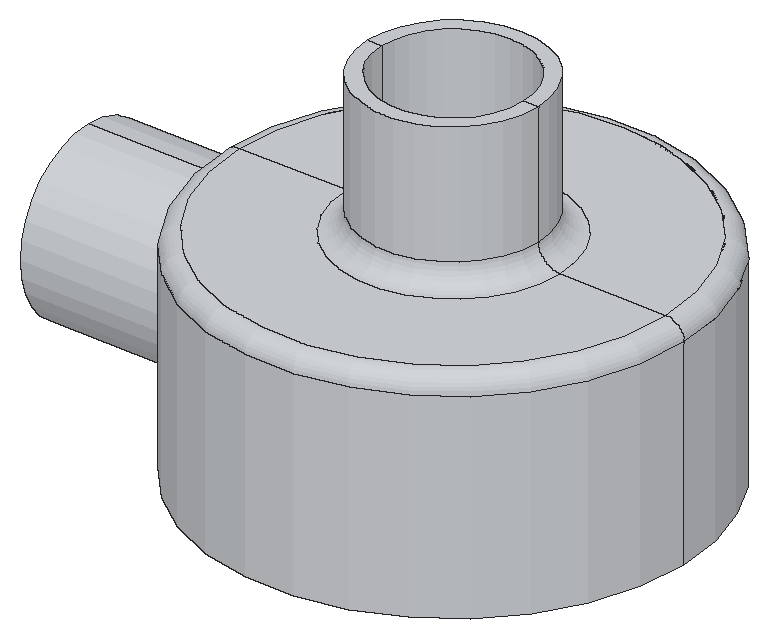
Revit family "TB2G", category Generic Models, Revit 2017
Family settings
  Can host rebar = No
  Round Connector Dimension = Use Diameter
  Part Type = Normal
  Work Plane-Based = Yes
  Always vertical = No
  Cut with Voids When Loaded = No
  Shared = No
  Room Calculation Point = No
Parameters (values of type "NBS Standard Parameters")
  Weight = "0.290Kg"
  WarrantyStartDate [instance] = "1900-12-31T23:59:59"
  WarrantyGuarantorParts = "n/a"
  WarrantyGuarantorLabor = "n/a"
  WarrantyDurationUnit = "1 year"
  WarrantyDurationParts = "n/a"
  WarrantyDurationLabor = "n/a"
  WarrantyDescription = "n/a"
  Version = "1"
  Uniclass2 = "Pr_65_70_11_20"
  TagNumber [instance] = "n/a"
  SustainabilityPerformance = "n/a"
  Size = "n/a"
  Shape = "20mm"
  SerialNumber [instance] = "Circular"
  Revision = "n/a"
  ReplacementCost = "n/a"
  ProductInformation = "www.metpro.co.uk/pdf/tb2g.pdf"
  NominalWidth = 66 mm
  NominalLength = 66 mm
  NominalHeight = 50 mm
  Name = ""
  NBSTypeID = ""
  NBSReference = "90-55-10/460"
  NBSOfficeMasterTag = ""
  NBSNote = ""
  NBSDescription = "Conduit Fittings"
  NBSCertification = ""
  ModelReference = "TB2G"
  ModelNumber = "n/a"
  Material = "Malleable Iron"
  ManufacturerURL = "www.metpro.co.uk"
  ManufacturerName = "Metpro Ltd"
  InstallationDate [instance] = "1900-12-31T23:59:59"
  IfcExportType = ""
  IfcExportAs = ""
  Grade = "n/a"
  Finish = "Galvanised"
  Features = "n/a"
  ExpectedLife = "n/a"
  DurationUnit = "year"
  Description = "TB2G - 20mm Terminal Back Outlet Malleable Conduit Box"
  Default Elevation = 1219.2 mm
  Constituents = "n/a"
  Color = "n/a"
  CodePerformance = "n/a"
  Category = "n/a"
  BarCode [instance] = "n/a"
  BIMObjectName = "Metpro_metprolibrary_conduitfittings_metalcomponent_malleablecircularbox"
  Author = "Metpro Ltd"
  AssetType = ""
  AssetIdentifier [instance] = "n/a"
  AccessibilityPerformance = "n/a"
Reference planes
  plane 1 "Center (Front/Back)": y = 0
  plane 2: z = 0
  plane 3 "Center (Left/Right)": x = 0
Forms (mm)
  Revolve 1, solid
    sketch origin (-29.119, 25.271, 15.271) x (1, 0, 0) y (0, 0, -1)
      loop
        line (-32.5, 40.541) -> (-32.5, 12.5)
        arc (-32.5, 12.5) -> (-31.768, 10.732) -> (-30, 10) r 2.5
        line (-30, 10) -> (-15.03, 10)
        arc (-15.03, 10) -> (-12.909, 9.121) -> (-12.03, 7) r 3
        line (-12.03, 7) -> (-12.03, -10) -> (-10, -10) -> (-10, 10.411)
        arc (-10, 10.411) -> (-10.624, 11.917) -> (-12.131, 12.541) r 2.131
        line (-12.131, 12.541) -> (-27, 12.541)
        arc (-27, 12.541) -> (-29.121, 13.42) -> (-30, 15.541) r 3
        line (-30, 15.541) -> (-30, 40.541) -> (-32.5, 40.541)
      axis (0, -10) -> (0, 40.541)
    angle from 0 to 360
  Extrusion 2, solid
    sketch origin (-29.119, 25.271, -25.271) x (-1, 0, 0) y (0, 1, 0)
      loop
        arc (-21.577, 13.805) -> (-16.02, 13.887) -> (-15.821, 19.441) r 4.033
        line (-15.821, 19.441) -> (-19.326, 22.946)
        arc (-19.326, 22.946) -> (-22.235, 20.14) -> (-24.74, 16.968) r 30
        line (-24.74, 16.968) -> (-21.577, 13.805)
      loop
        circle (-18.842, 16.769) r 1.752
      loop
        line (13.805, -21.577) -> (16.968, -24.74)
        arc (16.968, -24.74) -> (20.14, -22.235) -> (22.946, -19.326) r 30
        line (22.946, -19.326) -> (19.441, -15.821)
        arc (19.441, -15.821) -> (13.887, -16.02) -> (13.805, -21.577) r 4.033
      loop
        circle (16.769, -18.842) r 1.752
    from -2.782 to 0
  Extrusion 3, void
    sketch origin (-29.119, 25.271, 15.271) x (0, 0, -1) y (0, 1, 0)
      loop
        circle (26.504, 0.168) r 10
    from -51.5 to -27.375
  Extrusion 4, solid
    sketch origin (-30.619, 25.271, 14.021) x (0, 0, -1) y (0, -1, 0)
      loop
        circle (25.254, -0.168) r 10
      loop
        circle (25.254, -0.168) r 12
    from 24.792 to 50
  Extrusion 5, void
    sketch origin (-29.119, 25.271, -25.271) x (0, 1, 0) y (-1, 0, 0)
      loop
        arc (18.67, 23.482) -> (0, 30) -> (-18.67, 23.482) r 30
        arc (-18.67, 23.482) -> (0, 20.375) -> (18.67, 23.482) r 57.647
    from 0 to 26.508
Cuts and joins
  Extrusion 3, Extrusion 5 cuts Revolve 1
  Extrusion 3, Extrusion 5 cuts Extrusion 4
  joined: Revolve 1, Extrusion 4
Dimensions and locks
  aligned and locked: level to plane 2
